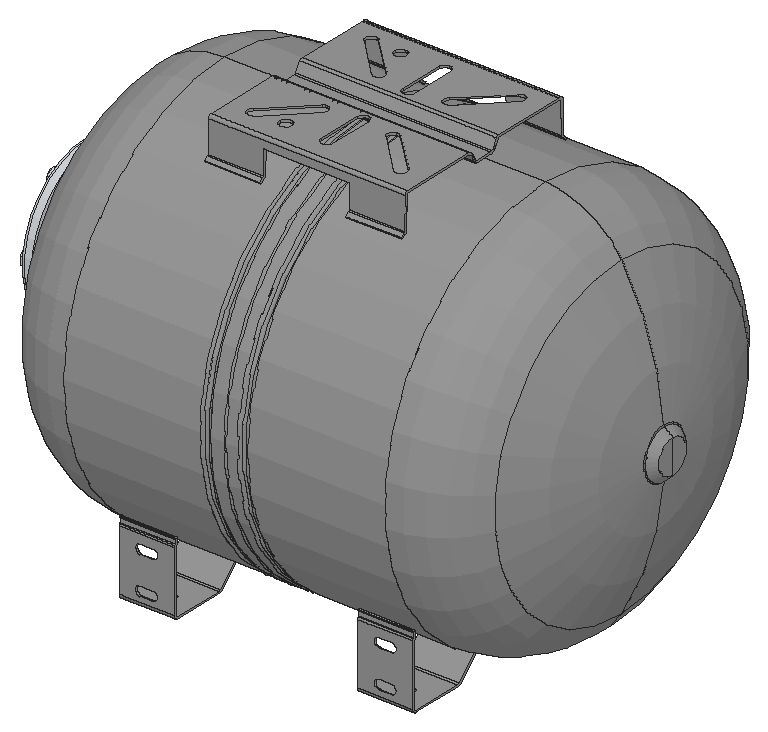
Revit family "WAO 50", category Оборудование, Revit 2014
Parameters
  Описание = "Мембранный бак для водоснабжения V=50л, Py=10бар, 1\""
  Материал крышки = Черная резина
  Материал = Синяя краска
  Масса кг = "9.4"
  Крышка [instance] = yes
  Комментарии к типоразмеру = "WAO 50"
  Изготовитель = "WESTER"  # constant formula
  URL = "http://www.wester.su/"
Reference planes
  plane 1 "По центру (Вперед/Назад)": y = 0
  plane 2: z = 0
  plane 3 "По центру (Влево/Вправо)": x = 0
  plane 4: z = 201
Forms (mm)
  Revolve 1, solid, material "Синяя краска" <- "Материал"
    sketch origin (0, 0, 39.5) x (1, 0, 0) y (0, 0, 1)
      loop
        line (144.693, 343.976) -> (20.731, 343.976)
        arc (20.731, 343.976) -> (19.253, 343.591) -> (18.15, 342.534) r 3.031
        arc (18.15, 342.534) -> (16.004, 341.345) -> (13.859, 342.534) r 2.53
        arc (13.859, 342.534) -> (12.745, 343.591) -> (11.258, 343.976) r 3.066
        line (11.258, 343.976) -> (1.114, 343.976)
        arc (1.114, 343.976) -> (0.062, 344.362) -> (-0.99, 343.976) r 1.624
        line (-0.99, 343.976) -> (-13.259, 343.976)
        arc (-13.259, 343.976) -> (-14.743, 343.589) -> (-15.849, 342.525) r 3.037
        arc (-15.849, 342.525) -> (-18.001, 341.312) -> (-20.153, 342.525) r 2.516
        arc (-20.153, 342.525) -> (-21.249, 343.588) -> (-22.726, 343.976) r 3.007
        line (-22.726, 343.976) -> (-145.735, 343.976)
        arc (-145.735, 343.976) -> (-185.265, 333.527) -> (-214.468, 304.91) r 79.998
        arc (-214.468, 304.91) -> (-234.469, 264.357) -> (-247.846, 221.163) r 286.723
        line (-247.846, 221.163) -> (-260, 209.009) -> (-260, 161.5) -> (242, 161.5) -> (242, 168.355)
        arc (242, 168.355) -> (242.071, 168.929) -> (242.328, 169.448) r 1.727
        line (242.328, 169.448) -> (251.056, 181.578)
        arc (251.056, 181.578) -> (251.809, 183.131) -> (251.993, 184.847) r 5.035
        arc (251.993, 184.847) -> (239.52, 247.063) -> (213.421, 304.902) r 281.35
        arc (213.421, 304.902) -> (184.223, 333.525) -> (144.693, 343.976) r 79.981
      axis (-260, 161.5) -> (251.993, 161.5)
    angle from 0 to 360
  Revolve 2, solid
    sketch origin (-33.555, 0, 39.449) x (1, 0, 0) y (0, 0, 1)
      loop
        line (-267.445, 175.601) -> (-267.445, 174.782) -> (-239.445, 174.782) -> (-239.445, 161.5) -> (-226.445, 161.5) -> (-226.445, 231.551) -> (-228.445, 231.551) -> (-228.445, 235.304) -> (-235.411, 234.694)
        arc (-235.411, 234.694) -> (-238.29, 233.199) -> (-239.445, 230.167) r 4.557
        line (-239.445, 230.167) -> (-239.445, 209.701) -> (-235.342, 197.341)
        arc (-235.342, 197.341) -> (-234.952, 195.475) -> (-235.342, 193.608) r 4.663
        line (-235.342, 193.608) -> (-239.445, 180.189) -> (-239.445, 179.405)
        arc (-239.445, 179.405) -> (-240.671, 179.079) -> (-241.484, 178.103) r 2.095
        line (-241.484, 178.103) -> (-264.942, 178.103) -> (-267.445, 175.601)
      axis (-267.445, 161.5) -> (-226.445, 161.5)
    angle from 0 to 360
  Extrusion 3, solid, material "Синяя краска" <- "Материал"
    sketch origin (0, -0.312, 81.976) x (0, 1, 0) y (0, 0, 1)
      loop
        line (93.539, 277.246) -> (90.184, 279.936)
        arc (90.184, 279.936) -> (89.777, 280.443) -> (89.622, 281.074) r 1.5
        line (89.622, 281.074) -> (88.999, 310.065)
        arc (88.999, 310.065) -> (88.098, 312.144) -> (86, 313) r 3
        line (86, 313) -> (16.699, 313)
        arc (16.699, 313) -> (15.22, 312.611) -> (14.126, 311.543) r 3
        line (14.126, 311.543) -> (9.437, 303.728)
        arc (9.437, 303.728) -> (8.89, 303.195) -> (8.151, 303) r 1.5
        line (8.151, 303) -> (-8.151, 303)
        arc (-8.151, 303) -> (-8.89, 303.195) -> (-9.437, 303.728) r 1.5
        line (-9.437, 303.728) -> (-14.126, 311.543)
        arc (-14.126, 311.543) -> (-15.22, 312.611) -> (-16.699, 313) r 3
        line (-16.699, 313) -> (-86, 313)
        arc (-86, 313) -> (-88.098, 312.144) -> (-88.999, 310.065) r 3
        line (-88.999, 310.065) -> (-89.621, 281.439)
        arc (-89.621, 281.439) -> (-89.775, 280.808) -> (-90.182, 280.301) r 1.5
        line (-90.182, 280.301) -> (-93.537, 277.611) -> (-92.599, 276.441) -> (-89.244, 279.131)
        arc (-89.244, 279.131) -> (-88.43, 280.144) -> (-88.121, 281.407) r 3
        line (-88.121, 281.407) -> (-87.5, 310.033)
        arc (-87.5, 310.033) -> (-87.049, 311.072) -> (-86, 311.5) r 1.5
        line (-86, 311.5) -> (-16.699, 311.5)
        arc (-16.699, 311.5) -> (-15.96, 311.305) -> (-15.412, 310.772) r 1.5
        line (-15.412, 310.772) -> (-10.723, 302.957)
        arc (-10.723, 302.957) -> (-9.629, 301.889) -> (-8.151, 301.5) r 3
        line (-8.151, 301.5) -> (8.151, 301.5)
        arc (8.151, 301.5) -> (9.629, 301.889) -> (10.723, 302.957) r 3
        line (10.723, 302.957) -> (15.412, 310.772)
        arc (15.412, 310.772) -> (15.96, 311.305) -> (16.699, 311.5) r 1.5
        line (16.699, 311.5) -> (86, 311.5)
        arc (86, 311.5) -> (87.049, 311.072) -> (87.5, 310.032) r 1.5
        line (87.5, 310.032) -> (88.123, 281.042)
        arc (88.123, 281.042) -> (88.432, 279.779) -> (89.246, 278.766) r 3
        line (89.246, 278.766) -> (92.601, 276.076) -> (93.539, 277.246)
    from -89 to 89
  Extrusion 4, solid, material "Синяя краска" <- "Материал"
    sketch origin (0, 20.585, 0) x (0, 1, 0) y (0, 0, 1)
      loop
        line (105.128, 67.164) -> (104.277, 68.01) -> (103.57, 67.298)
        arc (103.57, 67.298) -> (102.99, 66.416) -> (102.799, 65.378) r 2.656
        line (102.799, 65.378) -> (102.799, 61.46)
        arc (102.799, 61.46) -> (103.025, 60.666) -> (103.46, 59.964) r 2.973
        arc (103.46, 59.964) -> (103.718, 59.517) -> (103.808, 59.008) r 1.502
        line (103.808, 59.008) -> (104, 3.711)
        arc (104, 3.711) -> (103.263, 1.935) -> (101.487, 1.2) r 2.513
        line (101.487, 1.2) -> (54.123, 1.2)
        arc (54.123, 1.2) -> (53.166, 1.39) -> (52.355, 1.933) r 2.5
        line (52.355, 1.933) -> (34.87, 19.432)
        arc (34.87, 19.432) -> (34.567, 19.865) -> (34.43, 20.375) r 1.522
        arc (34.43, 20.375) -> (34.197, 21.269) -> (33.682, 22.036) r 2.766
        line (33.682, 22.036) -> (31.281, 24.437)
        arc (31.281, 24.437) -> (30.052, 25.187) -> (28.613, 25.199) r 2.7
        line (28.613, 25.199) -> (27.665, 24.946) -> (27.975, 23.787) -> (28.923, 24.04)
        arc (28.923, 24.04) -> (29.731, 24.031) -> (30.417, 23.604) r 1.5
        line (30.417, 23.604) -> (32.821, 21.2)
        arc (32.821, 21.2) -> (33.106, 20.77) -> (33.235, 20.27) r 1.566
        arc (33.235, 20.27) -> (33.48, 19.358) -> (34.021, 18.584) r 2.722
        line (34.021, 18.584) -> (51.506, 1.085)
        arc (51.506, 1.085) -> (52.707, 0.282) -> (54.123, 0) r 3.7
        line (54.123, 0) -> (101.487, 0)
        arc (101.487, 0) -> (104.113, 1.087) -> (105.2, 3.713) r 3.713
        line (105.2, 3.713) -> (105.008, 59.013)
        arc (105.008, 59.013) -> (104.845, 59.927) -> (104.382, 60.733) r 2.702
        arc (104.382, 60.733) -> (104.137, 61.118) -> (103.999, 61.553) r 1.773
        line (103.999, 61.553) -> (103.999, 65.391)
        arc (103.999, 65.391) -> (104.102, 65.965) -> (104.422, 66.453) r 1.456
        line (104.422, 66.453) -> (105.128, 67.164)
      loop
        line (-146.3, 67.164) -> (-145.593, 66.453)
        arc (-145.593, 66.453) -> (-145.274, 65.965) -> (-145.171, 65.391) r 1.456
        line (-145.171, 65.391) -> (-145.171, 61.553)
        arc (-145.171, 61.553) -> (-145.309, 61.118) -> (-145.554, 60.733) r 1.773
        arc (-145.554, 60.733) -> (-146.017, 59.927) -> (-146.18, 59.013) r 2.702
        line (-146.18, 59.013) -> (-146.372, 3.713)
        arc (-146.372, 3.713) -> (-145.284, 1.087) -> (-142.659, 0) r 3.713
        line (-142.659, 0) -> (-95.343, 0)
        arc (-95.343, 0) -> (-93.926, 0.282) -> (-92.725, 1.085) r 3.7
        line (-92.725, 1.085) -> (-75.142, 18.682)
        arc (-75.142, 18.682) -> (-74.601, 19.456) -> (-74.356, 20.368) r 2.722
        arc (-74.356, 20.368) -> (-74.227, 20.868) -> (-73.942, 21.298) r 1.566
        line (-73.942, 21.298) -> (-71.538, 23.702)
        arc (-71.538, 23.702) -> (-70.852, 24.129) -> (-70.044, 24.138) r 1.5
        line (-70.044, 24.138) -> (-69.096, 23.884) -> (-68.786, 25.044) -> (-69.734, 25.297)
        arc (-69.734, 25.297) -> (-71.174, 25.285) -> (-72.402, 24.535) r 2.7
        line (-72.402, 24.535) -> (-74.804, 22.134)
        arc (-74.804, 22.134) -> (-75.318, 21.367) -> (-75.552, 20.473) r 2.766
        arc (-75.552, 20.473) -> (-75.688, 19.963) -> (-75.991, 19.53) r 1.522
        line (-75.991, 19.53) -> (-93.574, 1.933)
        arc (-93.574, 1.933) -> (-94.385, 1.39) -> (-95.343, 1.2) r 2.5
        line (-95.343, 1.2) -> (-142.659, 1.2)
        arc (-142.659, 1.2) -> (-144.435, 1.935) -> (-145.172, 3.711) r 2.513
        line (-145.172, 3.711) -> (-144.98, 59.008)
        arc (-144.98, 59.008) -> (-144.889, 59.517) -> (-144.632, 59.964) r 1.502
        arc (-144.632, 59.964) -> (-144.197, 60.666) -> (-143.971, 61.46) r 2.973
        line (-143.971, 61.46) -> (-143.971, 65.378)
        arc (-143.971, 65.378) -> (-144.162, 66.416) -> (-144.742, 67.298) r 2.656
        line (-144.742, 67.298) -> (-145.449, 68.01) -> (-146.3, 67.164)
    from -141 to -91
  Extrusion 5, void
    sketch origin (3.445, 0, 0) x (1, 0, 0) y (0, 1, 0)
      loop
        arc (-66.306, 70.639) -> (-74.084, 70.639) -> (-74.084, 62.861) r 5.5
        line (-74.084, 62.861) -> (-39.436, 28.213)
        arc (-39.436, 28.213) -> (-31.657, 28.213) -> (-31.657, 35.991) r 5.5
        line (-31.657, 35.991) -> (-66.306, 70.639)
      loop
        arc (24.768, 35.991) -> (24.768, 28.213) -> (32.546, 28.213) r 5.5
        line (32.546, 28.213) -> (67.194, 62.861)
        arc (67.194, 62.861) -> (67.194, 70.639) -> (59.416, 70.639) r 5.5
        line (59.416, 70.639) -> (24.768, 35.991)
      loop
        arc (-8.945, 25.75) -> (-3.445, 20.25) -> (2.055, 25.75) r 5.5
        line (2.055, 25.75) -> (2.055, 66.75)
        arc (2.055, 66.75) -> (-3.445, 72.25) -> (-8.945, 66.75) r 5.5
        line (-8.945, 66.75) -> (-8.945, 25.75)
      loop
        arc (-31.657, -35.991) -> (-31.657, -28.213) -> (-39.436, -28.213) r 5.5
        line (-39.436, -28.213) -> (-74.084, -62.861)
        arc (-74.084, -62.861) -> (-74.084, -70.639) -> (-66.306, -70.639) r 5.5
        line (-66.306, -70.639) -> (-31.657, -35.991)
      loop
        line (24.768, -35.991) -> (59.416, -70.639)
        arc (59.416, -70.639) -> (67.194, -70.639) -> (67.194, -62.861) r 5.5
        line (67.194, -62.861) -> (32.546, -28.213)
        arc (32.546, -28.213) -> (24.768, -28.213) -> (24.768, -35.991) r 5.5
      loop
        line (-8.945, -25.75) -> (-8.945, -66.75)
        arc (-8.945, -66.75) -> (-3.445, -72.25) -> (2.055, -66.75) r 5.5
        line (2.055, -66.75) -> (2.055, -25.75)
        arc (2.055, -25.75) -> (-3.445, -20.25) -> (-8.945, -25.75) r 5.5
      loop
        circle (-42.347, 64.994) r 5.559
      loop
        circle (-42.347, -64.994) r 5.559
    from 393.476 to 394.976
  Extrusion 6, void
    sketch origin (0, 0, 0) x (1, 0, 0) y (0, 1, 0)
      loop
        arc (-112.114, 98.5) -> (-107.614, 103) -> (-112.114, 107.5) r 4.5
        line (-112.114, 107.5) -> (-119.959, 107.5)
        arc (-119.959, 107.5) -> (-124.459, 103) -> (-119.959, 98.5) r 4.5
        line (-119.959, 98.5) -> (-112.114, 98.5)
      loop
        line (-119.959, -107.5) -> (-112.114, -107.5)
        arc (-112.114, -107.5) -> (-107.614, -103) -> (-112.114, -98.5) r 4.5
        line (-112.114, -98.5) -> (-119.959, -98.5)
        arc (-119.959, -98.5) -> (-124.459, -103) -> (-119.959, -107.5) r 4.5
      loop
        arc (104.071, 98.5) -> (108.571, 103) -> (104.071, 107.5) r 4.5
        line (104.071, 107.5) -> (96.006, 107.5)
        arc (96.006, 107.5) -> (91.506, 103) -> (96.006, 98.5) r 4.5
        line (96.006, 98.5) -> (104.071, 98.5)
      loop
        line (104.016, -98.5) -> (96.019, -98.5)
        arc (96.019, -98.5) -> (91.519, -103) -> (96.019, -107.5) r 4.5
        line (96.019, -107.5) -> (104.016, -107.5)
        arc (104.016, -107.5) -> (108.516, -103) -> (104.016, -98.5) r 4.5
    from 0 to 14.349
  Extrusion 7, void
    sketch origin (6.445, 0, 0) x (1, 0, 0) y (0, 0, 1)
      loop
        arc (-116.945, 42.509) -> (-112.445, 47.009) -> (-116.945, 51.509) r 4.5
        line (-116.945, 51.509) -> (-127.945, 51.509)
        arc (-127.945, 51.509) -> (-132.445, 47.009) -> (-127.945, 42.509) r 4.5
        line (-127.945, 42.509) -> (-116.945, 42.509)
      loop
        line (-116.945, 17.513) -> (-127.945, 17.513)
        arc (-127.945, 17.513) -> (-132.445, 13.013) -> (-127.945, 8.513) r 4.5
        line (-127.945, 8.513) -> (-116.945, 8.513)
        arc (-116.945, 8.513) -> (-112.445, 13.013) -> (-116.945, 17.513) r 4.5
      loop
        line (88.055, 8.513) -> (99.055, 8.513)
        arc (99.055, 8.513) -> (103.555, 13.013) -> (99.055, 17.513) r 4.5
        line (99.055, 17.513) -> (88.055, 17.513)
        arc (88.055, 17.513) -> (83.555, 13.013) -> (88.055, 8.513) r 4.5
      loop
        arc (99.055, 42.509) -> (103.555, 47.009) -> (99.055, 51.509) r 4.5
        line (99.055, 51.509) -> (88.055, 51.509)
        arc (88.055, 51.509) -> (83.555, 47.009) -> (88.055, 42.509) r 4.5
        line (88.055, 42.509) -> (99.055, 42.509)
    from 115.044 to 131.132
  Extrusion 8, void
    sketch origin (6.445, 0, 0) x (1, 0, 0) y (0, 0, -1)
      loop
        line (-116.945, -42.509) -> (-127.945, -42.509)
        arc (-127.945, -42.509) -> (-132.445, -47.009) -> (-127.945, -51.509) r 4.5
        line (-127.945, -51.509) -> (-116.945, -51.509)
        arc (-116.945, -51.509) -> (-112.445, -47.009) -> (-116.945, -42.509) r 4.5
      loop
        arc (-116.945, -17.513) -> (-112.445, -13.013) -> (-116.945, -8.513) r 4.5
        line (-116.945, -8.513) -> (-127.945, -8.513)
        arc (-127.945, -8.513) -> (-132.445, -13.013) -> (-127.945, -17.513) r 4.5
        line (-127.945, -17.513) -> (-116.945, -17.513)
      loop
        arc (102.055, -8.513) -> (97.555, -13.013) -> (102.055, -17.513) r 4.5
        line (102.055, -17.513) -> (113.055, -17.513)
        arc (113.055, -17.513) -> (117.555, -13.013) -> (113.055, -8.513) r 4.5
        line (113.055, -8.513) -> (102.055, -8.513)
      loop
        line (113.055, -42.509) -> (102.055, -42.509)
        arc (102.055, -42.509) -> (97.555, -47.009) -> (102.055, -51.509) r 4.5
        line (102.055, -51.509) -> (113.055, -51.509)
        arc (113.055, -51.509) -> (117.555, -47.009) -> (113.055, -42.509) r 4.5
    from 116.091 to 135
  Revolve 9, solid
    sketch origin (32.445, 0, 39.5) x (1, 0, 0) y (0, 0, 1)
      loop
        line (225.528, 165.524) -> (214.055, 165.524) -> (214.055, 167.524) -> (209.555, 167.524) -> (209.555, 161.5) -> (226.555, 161.5) -> (226.555, 164.497) -> (225.528, 165.524)
      axis (209.555, 161.5) -> (226.555, 161.5)
    angle from 0 to 360
  Extrusion 10, void
    sketch origin (0, 0, 0) x (0, 1, 0) y (0, 0, 1)
      loop
        line (-92.912, 358.417) -> (-89.556, 361.107)
        arc (-89.556, 361.107) -> (-88.742, 362.12) -> (-88.433, 363.382) r 3
        line (-88.433, 363.382) -> (-87.964, 385) -> (-89.465, 385) -> (-89.933, 363.415)
        arc (-89.933, 363.415) -> (-90.088, 362.784) -> (-90.494, 362.277) r 1.5
        line (-90.494, 362.277) -> (-93.85, 359.587) -> (-92.912, 358.417)
      loop
        line (88.933, 360.742) -> (92.288, 358.052) -> (93.227, 359.222) -> (89.871, 361.912)
        arc (89.871, 361.912) -> (89.464, 362.419) -> (89.31, 363.05) r 1.5
        line (89.31, 363.05) -> (88.838, 385) -> (87.338, 385) -> (87.81, 363.018)
        arc (87.81, 363.018) -> (88.119, 361.755) -> (88.933, 360.742) r 3
    from -39 to 39
  Extrusion 11, solid, material "Синяя краска" <- "Материал"
    sketch origin (0, 20.585, 0) x (0, 1, 0) y (0, 0, -1)
      loop
        line (105.128, -67.164) -> (104.422, -66.453)
        arc (104.422, -66.453) -> (104.102, -65.965) -> (103.999, -65.391) r 1.456
        line (103.999, -65.391) -> (103.999, -61.553)
        arc (103.999, -61.553) -> (104.137, -61.118) -> (104.382, -60.733) r 1.773
        arc (104.382, -60.733) -> (104.845, -59.927) -> (105.008, -59.013) r 2.702
        line (105.008, -59.013) -> (105.2, -3.713)
        arc (105.2, -3.713) -> (104.113, -1.087) -> (101.487, 0) r 3.713
        line (101.487, 0) -> (54.123, 0)
        arc (54.123, 0) -> (52.707, -0.282) -> (51.506, -1.085) r 3.7
        line (51.506, -1.085) -> (34.021, -18.584)
        arc (34.021, -18.584) -> (33.48, -19.358) -> (33.235, -20.27) r 2.722
        arc (33.235, -20.27) -> (33.106, -20.77) -> (32.821, -21.2) r 1.566
        line (32.821, -21.2) -> (30.417, -23.604)
        arc (30.417, -23.604) -> (29.731, -24.031) -> (28.923, -24.04) r 1.5
        line (28.923, -24.04) -> (27.975, -23.787) -> (27.665, -24.946) -> (28.613, -25.199)
        arc (28.613, -25.199) -> (30.052, -25.187) -> (31.281, -24.437) r 2.7
        line (31.281, -24.437) -> (33.682, -22.036)
        arc (33.682, -22.036) -> (34.197, -21.269) -> (34.43, -20.375) r 2.766
        arc (34.43, -20.375) -> (34.567, -19.865) -> (34.87, -19.432) r 1.522
        line (34.87, -19.432) -> (52.355, -1.933)
        arc (52.355, -1.933) -> (53.166, -1.39) -> (54.123, -1.2) r 2.5
        line (54.123, -1.2) -> (101.487, -1.2)
        arc (101.487, -1.2) -> (103.263, -1.935) -> (104, -3.711) r 2.513
        line (104, -3.711) -> (103.808, -59.008)
        arc (103.808, -59.008) -> (103.718, -59.517) -> (103.46, -59.964) r 1.502
        arc (103.46, -59.964) -> (103.025, -60.666) -> (102.799, -61.46) r 2.973
        line (102.799, -61.46) -> (102.799, -65.378)
        arc (102.799, -65.378) -> (102.99, -66.416) -> (103.57, -67.298) r 2.656
        line (103.57, -67.298) -> (104.277, -68.01) -> (105.128, -67.164)
      loop
        line (-146.3, -67.164) -> (-145.449, -68.01) -> (-144.742, -67.298)
        arc (-144.742, -67.298) -> (-144.162, -66.416) -> (-143.971, -65.378) r 2.656
        line (-143.971, -65.378) -> (-143.971, -61.46)
        arc (-143.971, -61.46) -> (-144.197, -60.666) -> (-144.632, -59.964) r 2.973
        arc (-144.632, -59.964) -> (-144.889, -59.517) -> (-144.98, -59.008) r 1.502
        line (-144.98, -59.008) -> (-145.172, -3.711)
        arc (-145.172, -3.711) -> (-144.435, -1.935) -> (-142.659, -1.2) r 2.513
        line (-142.659, -1.2) -> (-95.343, -1.2)
        arc (-95.343, -1.2) -> (-94.385, -1.39) -> (-93.574, -1.933) r 2.5
        line (-93.574, -1.933) -> (-75.991, -19.53)
        arc (-75.991, -19.53) -> (-75.688, -19.963) -> (-75.552, -20.473) r 1.522
        arc (-75.552, -20.473) -> (-75.318, -21.367) -> (-74.804, -22.134) r 2.766
        line (-74.804, -22.134) -> (-72.402, -24.535)
        arc (-72.402, -24.535) -> (-71.174, -25.285) -> (-69.734, -25.297) r 2.7
        line (-69.734, -25.297) -> (-68.786, -25.044) -> (-69.096, -23.884) -> (-70.044, -24.138)
        arc (-70.044, -24.138) -> (-70.852, -24.129) -> (-71.538, -23.702) r 1.5
        line (-71.538, -23.702) -> (-73.942, -21.298)
        arc (-73.942, -21.298) -> (-74.227, -20.868) -> (-74.356, -20.368) r 1.566
        arc (-74.356, -20.368) -> (-74.601, -19.456) -> (-75.142, -18.682) r 2.722
        line (-75.142, -18.682) -> (-92.725, -1.085)
        arc (-92.725, -1.085) -> (-93.926, -0.282) -> (-95.343, 0) r 3.7
        line (-95.343, 0) -> (-142.659, 0)
        arc (-142.659, 0) -> (-145.284, -1.087) -> (-146.372, -3.713) r 3.713
        line (-146.372, -3.713) -> (-146.18, -59.013)
        arc (-146.18, -59.013) -> (-146.017, -59.927) -> (-145.554, -60.733) r 2.702
        arc (-145.554, -60.733) -> (-145.309, -61.118) -> (-145.171, -61.553) r 1.773
        line (-145.171, -61.553) -> (-145.171, -65.391)
        arc (-145.171, -65.391) -> (-145.274, -65.965) -> (-145.593, -66.453) r 1.456
        line (-145.593, -66.453) -> (-146.3, -67.164)
    from -125 to -75
  Revolve 12, solid, material "Черная резина" <- "Материал крышки", visible <- "Крышка"
    sketch origin (0, 0, 0) x (1, 0, 0) y (0, 0, 1)
      loop
        line (242, 201) -> (259.514, 201) -> (259.514, 216.257) -> (252.636, 223.135) -> (242, 208.497) -> (242, 201)
      axis (242, 201) -> (259.514, 201)
    angle from 0 to 360
Cuts and joins
  Extrusion 5, Extrusion 10 cuts Extrusion 3
  Extrusion 6, Extrusion 7, Extrusion 8 cuts Extrusion 4
  Extrusion 6, Extrusion 7, Extrusion 8 cuts Extrusion 11
Lines and regions (mm)
  model lines
    curve 1: line (-278.3, 0, 201) -> (-290.899, 0, 201)
Dimensions and locks
  aligned and locked: level to plane 2
  aligned and locked: Extrusion 10 sketch curve to cut or joined group of Extrusion 3, Extrusion 5, Extrusion 10  (x12)
  aligned and locked: cut or joined group of Extrusion 3, Extrusion 5, Extrusion 10 to Extrusion 10 sketch curve  (x2)
Nested families
  nested 1: "Болт" at (-273, -59.993, 201) x (0, 0, 1) z (-1, 0, 0), type "Болт"
  nested 2: "Болт" at (-273, -29.993, 252.958) x (0, 0, 1) z (-1, 0, 0), type "Болт"
  nested 3: "Болт" at (-273, 30, 252.954) x (0, 0, 1) z (-1, 0, 0), type "Болт"
  nested 4: "Болт" at (-273, 59.993, 201) x (0, 0, 1) z (-1, 0, 0), type "Болт"
  nested 5: "Болт" at (-273, 29.993, 149.042) x (0, 0, 1) z (-1, 0, 0), type "Болт"
  nested 6: "Болт" at (-273, -30, 149.046) x (0, 0, 1) z (-1, 0, 0), type "Болт"
Connectors
  piping at (-301, 0, 200.949), diameter 1
    settings: on Revolve 2, index 1, connector inside diameter 609.6 mm, connector length 0 mm, flow factor 0, pipe flow 0.0 L/s, pressure drop 0.0 Pa, fitting loss kfactor 0, connector angle 0.00°, fixture units 0, engagement length 0 mm, angle of deflection 0.00°, flow configuration 1, flow direction 0, fitting loss method 0, system type 29, joint type 0, gender type 0, connector reference index -1, connector utility 0, adjustable connector no, is connector primary yes, connector description ""
Definition of nested family "Болт"
  Parameters (values of type "Болт")
    Default Elevation = 1219.2 mm
  Reference planes
    plane 1 "По центру (Вперед/Назад)": y = 0
    plane 2: z = 0
    plane 3 "По центру (Влево/Вправо)": x = 0
  Forms (mm)
    Extrusion 1, solid
      sketch origin (0, 0, 0) x (1, 0, 0) y (0, 1, 0)
        loop
          line (-1219.2, 1219.2) -> (-1219.2, -1219.2) -> (1219.2, -1219.2) -> (1219.2, 1219.2) -> (-1219.2, 1219.2)
      from 0 to -304.8
    Extrusion 2, solid, detail levels medium+fine
      sketch origin (0, 0, 0) x (0, 1, 0) y (-1, 0, 0)
        loop
          line (-6.5, -3.753) -> (0, -7.506) -> (6.5, -3.753) -> (6.5, 3.753) -> (0, 7.506) -> (-6.5, 3.753) -> (-6.5, -3.753)
      from 0 to 5.3
    Extrusion 3, solid, detail levels medium+fine
      sketch origin (0, 0, 0) x (1, 0, 0) y (0, 1, 0)
        loop
          circle (0, 0) r 4
      from -14 to 0
    Revolve 4, void
      sketch origin (0, 0, 0) x (1, 0, 0) y (0, 0, 1)
        loop
          line (-7.506, 4.447) -> (-6.413, 5.3) -> (-7.506, 5.3) -> (-7.506, 4.447)
        axis (0, 5.3) -> (0, 4.3)
      angle from 0 to 360
    Revolve 5, void
      sketch origin (0, 0, 0) x (1, 0, 0) y (0, 0, 1)
        loop
          line (-4, -14) -> (-2.365, -14) -> (-4, -12.365) -> (-4, -14)
        axis (0, -12.365) -> (0, -14)
      angle from 0 to 360
  Cuts and joins
    Revolve 4 cuts Extrusion 2
    Revolve 5 cuts Extrusion 3
    joined: Extrusion 2, Extrusion 3
  Dimensions and locks
    aligned and locked: plane 2 to Extrusion 1
    aligned and locked: level to Extrusion 1
    aligned and locked: Revolve 4 sketch curve to plane 3 "По центру (Влево/Вправо)"
    aligned and locked: cut or joined group of Extrusion 2, Extrusion 3, Revolve 4, Revolve 5 to Revolve 4 sketch curve
